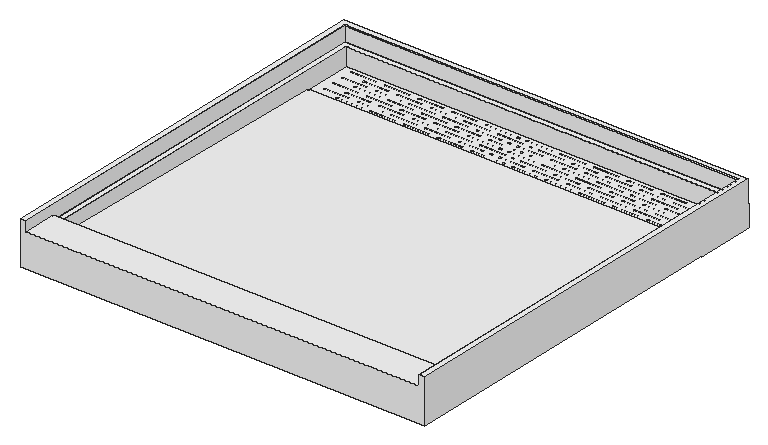
Revit family "CSBS-36-3F-BLANCO", category Plumbing Fixtures, host Face, Revit 2016 (continued)
Lines and regions (in)
  symbolic lines, detail levels fine
    curve 243: arc (-16.49486, 13.98619, 0) -> (-16.52611, 14.01744, 0) -> (-16.49486, 14.04869, 0) r 0.03125
    curve 244: line (-16.49486, 14.04869, 0) -> (-14.30736, 14.04869, 0)
    curve 245: arc (-14.30736, 14.04869, 0) -> (-14.27611, 14.01744, 0) -> (-14.30736, 13.98619, 0) r 0.03125
    curve 246: line (-12.80736, 14.48619, 0) -> (-14.99486, 14.48619, 0)
    curve 247: arc (-14.99486, 14.48619, 0) -> (-15.02611, 14.51744, 0) -> (-14.99486, 14.54869, 0) r 0.03125
    curve 248: line (-14.99486, 14.54869, 0) -> (-12.80736, 14.54869, 0)
    curve 249: arc (-12.80736, 14.54869, 0) -> (-12.77611, 14.51744, 0) -> (-12.80736, 14.48619, 0) r 0.03125
    curve 250: line (-14.30736, 14.98619, 0) -> (-16.49486, 14.98619, 0)
    curve 251: arc (-16.49486, 14.98619, 0) -> (-16.52611, 15.01744, 0) -> (-16.49486, 15.04869, 0) r 0.03125
    curve 252: line (-16.49486, 15.04869, 0) -> (-14.30736, 15.04869, 0)
    curve 253: arc (-14.30736, 15.04869, 0) -> (-14.27611, 15.01744, 0) -> (-14.30736, 14.98619, 0) r 0.03125
    curve 254: line (-14.30736, 15.98619, 0) -> (-16.49486, 15.98619, 0)
    curve 255: arc (-16.49486, 15.98619, 0) -> (-16.52611, 16.01744, 0) -> (-16.49486, 16.04869, 0) r 0.03125
    curve 256: line (-16.49486, 16.04869, 0) -> (-14.30736, 16.04869, 0)
    curve 257: arc (-14.30736, 16.04869, 0) -> (-14.27611, 16.01744, 0) -> (-14.30736, 15.98619, 0) r 0.03125
    curve 258: line (-12.80736, 15.48619, 0) -> (-14.99486, 15.48619, 0)
    curve 259: arc (-14.99486, 15.48619, 0) -> (-15.02611, 15.51744, 0) -> (-14.99486, 15.54869, 0) r 0.03125
    curve 260: line (-14.99486, 15.54869, 0) -> (-12.80736, 15.54869, 0)
    curve 261: arc (-12.80736, 15.54869, 0) -> (-12.77611, 15.51744, 0) -> (-12.80736, 15.48619, 0) r 0.03125
    curve 262: line (-11.30736, 14.98619, 0) -> (-13.49486, 14.98619, 0)
    curve 263: arc (-13.49486, 14.98619, 0) -> (-13.52611, 15.01744, 0) -> (-13.49486, 15.04869, 0) r 0.03125
    curve 264: line (-13.49486, 15.04869, 0) -> (-11.30736, 15.04869, 0)
    curve 265: arc (-11.30736, 15.04869, 0) -> (-11.27611, 15.01744, 0) -> (-11.30736, 14.98619, 0) r 0.03125
    curve 266: line (-11.30736, 15.98619, 0) -> (-13.49486, 15.98619, 0)
    curve 267: arc (-13.49486, 15.98619, 0) -> (-13.52611, 16.01744, 0) -> (-13.49486, 16.04869, 0) r 0.03125
    curve 268: line (-13.49486, 16.04869, 0) -> (-11.30736, 16.04869, 0)
    curve 269: arc (-11.30736, 16.04869, 0) -> (-11.27611, 16.01744, 0) -> (-11.30736, 15.98619, 0) r 0.03125
    curve 270: line (-9.80736, 15.48619, 0) -> (-11.99486, 15.48619, 0)
    curve 271: arc (-11.99486, 15.48619, 0) -> (-12.02611, 15.51744, 0) -> (-11.99486, 15.54869, 0) r 0.03125
    curve 272: line (-11.99486, 15.54869, 0) -> (-9.80736, 15.54869, 0)
    curve 273: arc (-9.80736, 15.54869, 0) -> (-9.77611, 15.51744, 0) -> (-9.80736, 15.48619, 0) r 0.03125
    curve 274: line (-10.49486, 16.04869, 0) -> (-8.30736, 16.04869, 0)
    curve 275: arc (-8.30736, 16.04869, 0) -> (-8.27611, 16.01744, 0) -> (-8.30736, 15.98619, 0) r 0.03125
    curve 276: line (-8.30736, 15.98619, 0) -> (-10.49486, 15.98619, 0)
    curve 277: arc (-10.49486, 15.98619, 0) -> (-10.52611, 16.01744, 0) -> (-10.49486, 16.04869, 0) r 0.03125
    curve 278: line (-6.80736, 15.48619, 0) -> (-8.99486, 15.48619, 0)
    curve 279: arc (-8.99486, 15.48619, 0) -> (-9.02611, 15.51744, 0) -> (-8.99486, 15.54869, 0) r 0.03125
    curve 280: line (-8.99486, 15.54869, 0) -> (-6.80736, 15.54869, 0)
    curve 281: arc (-6.80736, 15.54869, 0) -> (-6.77611, 15.51744, 0) -> (-6.80736, 15.48619, 0) r 0.03125
    curve 282: line (-5.30736, 15.98619, 0) -> (-7.49486, 15.98619, 0)
    curve 283: arc (-7.49486, 15.98619, 0) -> (-7.52611, 16.01744, 0) -> (-7.49486, 16.04869, 0) r 0.03125
    curve 284: line (-7.49486, 16.04869, 0) -> (-5.30736, 16.04869, 0)
    curve 285: arc (-5.30736, 16.04869, 0) -> (-5.27611, 16.01744, 0) -> (-5.30736, 15.98619, 0) r 0.03125
    curve 286: line (-4.49607, 17.04869, 0) -> (-2.32362, 17.04869, 0)
    curve 287: arc (-2.32362, 17.04869, 0) -> (-2.29237, 17.01744, 0) -> (-2.32362, 16.98619, 0) r 0.03125
    curve 288: line (-2.32362, 16.98619, 0) -> (-4.49607, 16.98619, 0)
    curve 289: arc (-4.49607, 16.98619, 0) -> (-4.52732, 17.01744, 0) -> (-4.49607, 17.04869, 0) r 0.03125
    curve 290: line (-1.68236, 16.98619, 0) -> (-1.49486, 16.98619, 0)
    curve 291: arc (-1.49486, 16.98619, 0) -> (-1.52611, 17.01744, 0) -> (-1.49486, 17.04869, 0) r 0.03125
    curve 292: line (-1.49486, 17.04869, 0) -> (-1.68236, 17.04869, 0)
    curve 293: arc (-1.68236, 17.04869, 0) -> (-1.65111, 17.01744, 0) -> (-1.68236, 16.98619, 0) r 0.03125
    curve 294: line (-0.86986, 17.04869, 0) -> (1.31764, 17.04869, 0)
    curve 295: arc (1.31764, 17.04869, 0) -> (1.34889, 17.01744, 0) -> (1.31764, 16.98619, 0) r 0.03125
    curve 296: line (1.31764, 16.98619, 0) -> (-0.86986, 16.98619, 0)
    curve 297: arc (-0.86986, 16.98619, 0) -> (-0.90111, 17.01744, 0) -> (-0.86986, 17.04869, 0) r 0.03125
    curve 298: line (2.13014, 17.04869, 0) -> (4.31764, 17.04869, 0)
    curve 299: arc (4.31764, 17.04869, 0) -> (4.34889, 17.01744, 0) -> (4.31764, 16.98619, 0) r 0.03125
    curve 300: line (4.31764, 16.98619, 0) -> (2.13014, 16.98619, 0)
    curve 301: arc (2.13014, 16.98619, 0) -> (2.09889, 17.01744, 0) -> (2.13014, 17.04869, 0) r 0.03125
    curve 302: line (-5.99486, 16.54869, 0) -> (-3.80736, 16.54869, 0)
    curve 303: arc (-3.80736, 16.54869, 0) -> (-3.77611, 16.51744, 0) -> (-3.80736, 16.48619, 0) r 0.03125
    curve 304: line (-3.80736, 16.48619, 0) -> (-5.99486, 16.48619, 0)
    curve 305: arc (-5.99486, 16.48619, 0) -> (-6.02611, 16.51744, 0) -> (-5.99486, 16.54869, 0) r 0.03125
    curve 306: line (-2.99486, 16.54869, 0) -> (-0.80736, 16.54869, 0)
    curve 307: arc (-0.80736, 16.54869, 0) -> (-0.77611, 16.51744, 0) -> (-0.80736, 16.48619, 0) r 0.03125
    curve 308: line (-0.80736, 16.48619, 0) -> (-2.99486, 16.48619, 0)
    curve 309: arc (-2.99486, 16.48619, 0) -> (-3.02611, 16.51744, 0) -> (-2.99486, 16.54869, 0) r 0.03125
    curve 310: line (-0.18236, 16.48619, 0) -> (0.00514, 16.48619, 0)
    curve 311: arc (0.00514, 16.48619, 0) -> (-0.02611, 16.51744, 0) -> (0.00514, 16.54869, 0) r 0.03125
    curve 312: line (0.00514, 16.54869, 0) -> (-0.18236, 16.54869, 0)
    curve 313: arc (-0.18236, 16.54869, 0) -> (-0.15111, 16.51744, 0) -> (-0.18236, 16.48619, 0) r 0.03125
    curve 314: line (2.81764, 16.48619, 0) -> (0.63014, 16.48619, 0)
    curve 315: arc (0.63014, 16.48619, 0) -> (0.59889, 16.51744, 0) -> (0.63014, 16.54869, 0) r 0.03125
    curve 316: line (0.63014, 16.54869, 0) -> (2.81764, 16.54869, 0)
    curve 317: arc (2.81764, 16.54869, 0) -> (2.84889, 16.51744, 0) -> (2.81764, 16.48619, 0) r 0.03125
    curve 318: line (3.63014, 16.54869, 0) -> (5.81764, 16.54869, 0)
    curve 319: arc (5.81764, 16.54869, 0) -> (5.84889, 16.51744, 0) -> (5.81764, 16.48619, 0) r 0.03125
    curve 320: line (5.81764, 16.48619, 0) -> (3.63014, 16.48619, 0)
    curve 321: arc (3.63014, 16.48619, 0) -> (3.59889, 16.51744, 0) -> (3.63014, 16.54869, 0) r 0.03125
    curve 322: line (5.13014, 17.04869, 0) -> (7.31764, 17.04869, 0)
    curve 323: arc (7.31764, 17.04869, 0) -> (7.34889, 17.01744, 0) -> (7.31764, 16.98619, 0) r 0.03125
    curve 324: line (7.31764, 16.98619, 0) -> (5.13014, 16.98619, 0)
    curve 325: arc (5.13014, 16.98619, 0) -> (5.09889, 17.01744, 0) -> (5.13014, 17.04869, 0) r 0.03125
    curve 326: line (6.63014, 16.54869, 0) -> (8.81764, 16.54869, 0)
    curve 327: arc (8.81764, 16.54869, 0) -> (8.84889, 16.51744, 0) -> (8.81764, 16.48619, 0) r 0.03125
    curve 328: line (8.81764, 16.48619, 0) -> (6.63014, 16.48619, 0)
    curve 329: arc (6.63014, 16.48619, 0) -> (6.59889, 16.51744, 0) -> (6.63014, 16.54869, 0) r 0.03125
    curve 330: line (10.31764, 16.98619, 0) -> (8.13014, 16.98619, 0)
    curve 331: arc (8.13014, 16.98619, 0) -> (8.09889, 17.01744, 0) -> (8.13014, 17.04869, 0) r 0.03125
    curve 332: line (8.13014, 17.04869, 0) -> (10.31764, 17.04869, 0)
    curve 333: arc (10.31764, 17.04869, 0) -> (10.34889, 17.01744, 0) -> (10.31764, 16.98619, 0) r 0.03125
    curve 334: line (9.63014, 16.54869, 0) -> (11.81764, 16.54869, 0)
    curve 335: arc (11.81764, 16.54869, 0) -> (11.84889, 16.51744, 0) -> (11.81764, 16.48619, 0) r 0.03125
    curve 336: line (11.81764, 16.48619, 0) -> (9.63014, 16.48619, 0)
    curve 337: arc (9.63014, 16.48619, 0) -> (9.59889, 16.51744, 0) -> (9.63014, 16.54869, 0) r 0.03125
    curve 338: line (13.31764, 16.98619, 0) -> (11.13014, 16.98619, 0)
    curve 339: arc (11.13014, 16.98619, 0) -> (11.09889, 17.01744, 0) -> (11.13014, 17.04869, 0) r 0.03125
    curve 340: line (11.13014, 17.04869, 0) -> (13.31764, 17.04869, 0)
    curve 341: arc (13.31764, 17.04869, 0) -> (13.34889, 17.01744, 0) -> (13.31764, 16.98619, 0) r 0.03125
    curve 342: line (14.81764, 16.48619, 0) -> (12.63014, 16.48619, 0)
    curve 343: arc (12.63014, 16.48619, 0) -> (12.59889, 16.51744, 0) -> (12.63014, 16.54869, 0) r 0.03125
    curve 344: line (12.63014, 16.54869, 0) -> (14.81764, 16.54869, 0)
    curve 345: arc (14.81764, 16.54869, 0) -> (14.84889, 16.51744, 0) -> (14.81764, 16.48619, 0) r 0.03125
    curve 346: line (16.31764, 16.98619, 0) -> (14.13014, 16.98619, 0)
    curve 347: arc (14.13014, 16.98619, 0) -> (14.09889, 17.01744, 0) -> (14.13014, 17.04869, 0) r 0.03125
    curve 348: line (14.13014, 17.04869, 0) -> (16.31764, 17.04869, 0)
    curve 349: arc (16.31764, 17.04869, 0) -> (16.34889, 17.01744, 0) -> (16.31764, 16.98619, 0) r 0.03125
    curve 350: line (8.13014, 16.04869, 0) -> (10.31764, 16.04869, 0)
    curve 351: arc (10.31764, 16.04869, 0) -> (10.34889, 16.01744, 0) -> (10.31764, 15.98619, 0) r 0.03125
    curve 352: line (10.31764, 15.98619, 0) -> (8.13014, 15.98619, 0)
    curve 353: arc (8.13014, 15.98619, 0) -> (8.09889, 16.01744, 0) -> (8.13014, 16.04869, 0) r 0.03125
    curve 354: line (-14.30736, 16.98619, 0) -> (-16.49486, 16.98619, 0)
    curve 355: arc (-16.49486, 16.98619, 0) -> (-16.52611, 17.01744, 0) -> (-16.49486, 17.04869, 0) r 0.03125
    curve 356: line (-16.49486, 17.04869, 0) -> (-14.30736, 17.04869, 0)
    curve 357: arc (-14.30736, 17.04869, 0) -> (-14.27611, 17.01744, 0) -> (-14.30736, 16.98619, 0) r 0.03125
    curve 358: line (-12.80736, 16.48619, 0) -> (-14.99486, 16.48619, 0)
    curve 359: arc (-14.99486, 16.48619, 0) -> (-15.02611, 16.51744, 0) -> (-14.99486, 16.54869, 0) r 0.03125
    curve 360: line (-14.99486, 16.54869, 0) -> (-12.80736, 16.54869, 0)
    curve 361: arc (-12.80736, 16.54869, 0) -> (-12.77611, 16.51744, 0) -> (-12.80736, 16.48619, 0) r 0.03125
    curve 362: line (-11.30736, 16.98619, 0) -> (-13.49486, 16.98619, 0)
    curve 363: arc (-13.49486, 16.98619, 0) -> (-13.52611, 17.01744, 0) -> (-13.49486, 17.04869, 0) r 0.03125
    curve 364: line (-13.49486, 17.04869, 0) -> (-11.30736, 17.04869, 0)
    curve 365: arc (-11.30736, 17.04869, 0) -> (-11.27611, 17.01744, 0) -> (-11.30736, 16.98619, 0) r 0.03125
    curve 366: line (-9.80736, 16.48619, 0) -> (-11.99486, 16.48619, 0)
    curve 367: arc (-11.99486, 16.48619, 0) -> (-12.02611, 16.51744, 0) -> (-11.99486, 16.54869, 0) r 0.03125
    curve 368: line (-11.99486, 16.54869, 0) -> (-9.80736, 16.54869, 0)
    curve 369: arc (-9.80736, 16.54869, 0) -> (-9.77611, 16.51744, 0) -> (-9.80736, 16.48619, 0) r 0.03125
    curve 370: line (-10.49486, 17.04869, 0) -> (-8.30736, 17.04869, 0)
    curve 371: arc (-8.30736, 17.04869, 0) -> (-8.27611, 17.01744, 0) -> (-8.30736, 16.98619, 0) r 0.03125
    curve 372: line (-8.30736, 16.98619, 0) -> (-10.49486, 16.98619, 0)
    curve 373: arc (-10.49486, 16.98619, 0) -> (-10.52611, 17.01744, 0) -> (-10.49486, 17.04869, 0) r 0.03125
    curve 374: line (-6.80736, 16.48619, 0) -> (-8.99486, 16.48619, 0)
    curve 375: arc (-8.99486, 16.48619, 0) -> (-9.02611, 16.51744, 0) -> (-8.99486, 16.54869, 0) r 0.03125
    curve 376: line (-8.99486, 16.54869, 0) -> (-6.80736, 16.54869, 0)
    curve 377: arc (-6.80736, 16.54869, 0) -> (-6.77611, 16.51744, 0) -> (-6.80736, 16.48619, 0) r 0.03125
    curve 378: line (-5.30736, 16.98619, 0) -> (-7.49486, 16.98619, 0)
    curve 379: arc (-7.49486, 16.98619, 0) -> (-7.52611, 17.01744, 0) -> (-7.49486, 17.04869, 0) r 0.03125
    curve 380: line (-7.49486, 17.04869, 0) -> (-5.30736, 17.04869, 0)
    curve 381: arc (-5.30736, 17.04869, 0) -> (-5.27611, 17.01744, 0) -> (-5.30736, 16.98619, 0) r 0.03125
Dimensions and locks (in)
  plane 4 "Back of shower" to plane 5 = 3 3/4"
  "Width": plane 6 to plane 7
  "Height": plane 9 to level
  "Length": plane 4 "Back of shower" to plane 8
  plane 10 to level = 3"
  locked: plane 4 "Back of shower" to plane 5 at 3.75
  cut or joined group of Extrusion 1, Sweep 3, Extrusion 4 to cut or joined group of Extrusion 1, Sweep 3, Extrusion 4 = 36"  (x2)
  plane 6 to plane 7 = 36"
  cut or joined group of Extrusion 1, Sweep 3, Extrusion 4 to plane 8 = 3"
  plane 9 to cut or joined group of Extrusion 1, Sweep 3, Extrusion 4 = 1.32792"
  plane 9 to host face = 3 7/8"
  cut or joined group of Extrusion 1, Sweep 3, Extrusion 4 to host face = 0.77108"
  cut or joined group of Extrusion 1, Sweep 3, Extrusion 4 to host face = 3"
  cut or joined group of Extrusion 1, Sweep 3, Extrusion 4 to cut or joined group of Extrusion 1, Sweep 3, Extrusion 4 = 3"
  aligned and locked: plane 2 to host face
  aligned and locked: level to host face
  aligned and locked: plane 4 "Back of shower" to Sweep 3
  aligned and locked: plane 6 to Sweep 3 sketch curve
  aligned and locked: plane 7 to Sweep 3 sketch curve
  aligned and locked: Extrusion 1 to Sweep 3
  aligned and locked: plane 7 to cut or joined group of Extrusion 1, Sweep 3, Extrusion 4
  aligned and locked: Extrusion 2 to cut or joined group of Extrusion 1, Sweep 3, Extrusion 4  (x2)
  aligned and locked: level to Sweep 3 sketch curve
  aligned and locked: plane 6 to Masking region 1 sketch curve
  aligned and locked: Masking region 1 sketch curve to plane 7
  aligned and locked: plane 8 to Masking region 1 sketch curve
  aligned and locked: host face to Extrusion 1 sketch curve
Automatic sketch dimensions
  host sketch curve to host sketch curve = 96"  (x2)
  level to Extrusion 2 sketch curve = 31/32"
  Extrusion 2 sketch curve to plane 5 = 1.53271"
  Extrusion 2 sketch curve to plane 4 "Back of shower" = 1"
  Extrusion 2 sketch curve to Extrusion 2 sketch curve = 1/32"
  Extrusion 4 sketch curve to plane 3 "Center (Left/Right)" = 0"
  Extrusion 4 sketch curve to plane 5 = 0.00135"
  Revolve 5 sketch curve to plane 5 = 0"  (x2)
  Revolve 5 sketch curve to Revolve 5 sketch curve = 1"
  Revolve 5 sketch curve to Revolve 5 sketch curve = 0.05652"
  Revolve 5 sketch curve to Revolve 5 sketch curve = 0.05412"
  Revolve 5 sketch curve to Revolve 5 sketch curve = 0.36946"
  Revolve 5 sketch curve to Revolve 5 sketch curve = 0.13054"
  Revolve 5 sketch curve to Revolve 5 sketch curve = 3/4"
  Revolve 5 sketch curve to Revolve 5 sketch curve = 0.08388"
  plane 5 to Extrusion 6 sketch curve = 1.32513"
  Extrusion 6 sketch curve to plane 6 = 1.8092"
  plane 5 to Extrusion 6 sketch curve = 0.26263"  (x6)
  Extrusion 6 sketch curve to Extrusion 6 sketch curve = 0"  (x23)
  plane 5 to Extrusion 6 sketch curve = 0.82513"
  Extrusion 6 sketch curve to Extrusion 6 sketch curve = 1 1/2"
  Extrusion 6 sketch curve to plane 5 = 0.17487"  (x10)
  plane 5 to Extrusion 6 sketch curve = 0.32513"  (x7)
  Extrusion 6 sketch curve to Extrusion 6 sketch curve = 11/16"  (x76)
  Extrusion 6 sketch curve to Extrusion 6 sketch curve = 13/16"  (x68)
  Extrusion 6 sketch curve to plane 5 = 0.23737"  (x2)
  Extrusion 6 sketch curve to plane 5 = 0.20612"  (x4)
  plane 5 to Extrusion 6 sketch curve = 0.29388"  (x6)
  Extrusion 6 sketch curve to plane 3 "Center (Left/Right)" = 1.3783"  (x4)
  Extrusion 6 sketch curve to Extrusion 6 sketch curve = 3/16"  (x8)
  Extrusion 6 sketch curve to plane 3 "Center (Left/Right)" = 0.5658"  (x4)
  Extrusion 6 sketch curve to plane 3 "Center (Left/Right)" = 0.5033"  (x4)
  Extrusion 6 sketch curve to Extrusion 6 sketch curve = 5/8"  (x8)
  Extrusion 6 sketch curve to plane 7 = 1.3783"  (x4)
  Extrusion 6 sketch curve to plane 5 = 0.67487"  (x11)
  Extrusion 6 sketch curve to Extrusion 6 sketch curve = 7/16"  (x30)
  Extrusion 6 sketch curve to Extrusion 6 sketch curve = 1/32"  (x73)
  Extrusion 6 sketch curve to Extrusion 6 sketch curve = 1/16"  (x7)
  plane 5 to Extrusion 6 sketch curve = 0.76263"  (x8)
  Extrusion 6 sketch curve to Extrusion 6 sketch curve = 15/16"
  curve 1 to level = 0"
  curve 1 to plane 6 = 1 3/16"
  plane 7 to curve 1 = 1 3/16"
  Sweep 3 sketch curve to plane 8 = 0"  (x2)
  Sweep 3 sketch curve to plane 4 "Back of shower" = 0"
  Sweep 3 sketch curve to profile plane = 0"
  Sweep 3 sketch curve to profile plane = 15/32"
  Sweep 3 sketch curve to profile plane = 1/2"
  Sweep 3 sketch curve to Sweep 3 sketch curve = 1/32"  (x2)
  Sweep 3 sketch curve to Sweep 3 sketch curve = 7/16"
  Sweep 3 sketch curve to Sweep 3 sketch curve = 2.51642"
  Sweep 3 sketch curve to Sweep 3 sketch curve = 1.26483"
  Revolve 5 sketch curve to level = 3/4"
  Revolve 5 sketch curve to Revolve 5 sketch curve = 0.12992"
  Masking region 1 sketch curve to plane 4 "Back of shower" = 0"
  curve 55 to curve 353 = 0"  (x2)
  curve 57 to curve 351 = 0"  (x2)
  curve 3 to plane 6 = 1/2"
  curve 3 to curve 8 = 1/2"
  plane 5 to curve 256 = 1.23619"
  curve 2 to curve 256 = 0.50514"
  curve 242 to plane 5 = 0.82631"
  curve 7 to curve 242 = 0.50514"
  curve 355 to curve 255 = 0"
  plane 5 to curve 250 = 0.17369"
  curve 250 to curve 243 = 0"
  curve 248 to plane 5 = 0.26381"
  curve 250 to curve 248 = 1 1/2"
  curve 232 to curve 247 = 0"
  curve 258 to curve 247 = 0"
  curve 358 to curve 259 = 0"
  curve 231 to curve 242 = 11/16"
  curve 248 to curve 250 = 11/16"
  curve 259 to curve 254 = 11/16"
  curve 359 to curve 354 = 11/16"
  curve 256 to curve 268 = 13/16"
  plane 5 to curve 262 = 0.17369"
  curve 250 to curve 262 = 13/16"
  curve 356 to curve 364 = 13/16"
  curve 244 to curve 236 = 13/16"
  curve 362 to curve 360 = 11/16"
  curve 234 to curve 233 = 11/16"
  curve 263 to curve 258 = 11/16"
  curve 246 to plane 5 = 0.32631"
  curve 236 to curve 246 = 11/16"
  curve 240 to plane 5 = 0.26381"
  curve 248 to curve 240 = 13/16"
  curve 233 to curve 227 = 13/16"
  curve 358 to curve 366 = 13/16"
  curve 260 to curve 272 = 13/16"
  curve 366 to curve 269 = 11/16"
  curve 228 to curve 234 = 11/16"
  plane 5 to curve 265 = 0.20494"
  curve 240 to curve 265 = 11/16"
  curve 367 to curve 362 = 11/16"
  curve 362 to curve 372 = 13/16"
  curve 269 to curve 277 = 13/16"
  curve 234 to curve 210 = 13/16"
  plane 5 to curve 224 = 0.23619"
  curve 264 to curve 224 = 13/16"
  curve 223 to curve 273 = 11/16"
  curve 210 to curve 226 = 11/16"
  curve 274 to curve 366 = 11/16"
  curve 238 to plane 5 = 0.32631"
  curve 211 to curve 238 = 11/16"
  curve 272 to curve 280 = 13/16"
  curve 229 to curve 204 = 13/16"
  curve 369 to curve 375 = 13/16"
  curve 216 to plane 5 = 0.26381"
  curve 240 to curve 216 = 13/16"
  curve 215 to curve 213 = 11/16"
  plane 5 to curve 222 = 0.17369"
  curve 216 to curve 222 = 11/16"
  curve 375 to curve 372 = 11/16"
  curve 280 to curve 276 = 11/16"
  curve 275 to curve 282 = 13/16"
  curve 213 to curve 206 = 13/16"
  plane 5 to curve 218 = 0.17369"
  curve 222 to curve 218 = 13/16"
  curve 371 to curve 380 = 13/16"
  curve 283 to curve 377 = 11/16"
  curve 206 to curve 202 = 11/16"
  curve 282 to curve 281 = 11/16"
  curve 217 to plane 5 = 0.29506"
  curve 207 to curve 217 = 11/16"
  curve 136 to plane 5 = 0.26381"
  curve 216 to curve 136 = 13/16"
  curve 205 to curve 154 = 13/16"
  curve 376 to curve 302 = 13/16"
  curve 281 to curve 26 = 13/16"
  curve 157 to curve 206 = 11/16"
  curve 135 to curve 218 = 11/16"
  curve 305 to curve 381 = 11/16"
  curve 29 to curve 285 = 11/16"
  curve 282 to curve 12 = 0.81129"
  curve 381 to curve 289 = 0.81129"
  plane 5 to curve 74 = 0.23619"
  curve 220 to curve 74 = 0.81129"
  curve 209 to curve 141 = 0.81129"
  curve 140 to curve 154 = 0.68871"
  curve 13 to curve 304 = 0.68871"
  curve 76 to curve 136 = 0.68871"
  curve 74 to curve 27 = 0.68871"
  curve 154 to curve 158 = 13/16"
  curve 302 to curve 306 = 13/16"
  curve 27 to curve 30 = 13/16"
  curve 130 to plane 5 = 0.32631"
  curve 134 to curve 130 = 13/16"
  plane 5 to curve 76 = 0.17369"
  curve 131 to curve 76 = 0.67124"
  curve 33 to curve 12 = 0.67124"
  curve 309 to curve 288 = 0.67124"
  curve 158 to curve 140 = 0.67124"
  curve 11 to curve 17 = 0.64126"
  curve 139 to curve 142 = 0.64126"
  plane 5 to curve 78 = 0.23619"
  curve 74 to curve 78 = 0.64126"
  curve 287 to curve 293 = 0.64126"
  curve 293 to curve 290 = 3/16"
  curve 14 to curve 14 = 3/16"
  curve 145 to curve 144 = 3/16"
  curve 79 to curve 78 = 3/16"
  curve 297 to plane 3 "Center (Left/Right)" = 0.86986"
  curve 85 to plane 3 "Center (Left/Right)" = 0.86986"
  curve 149 to plane 3 "Center (Left/Right)" = 0.86986"
  curve 21 to plane 3 "Center (Left/Right)" = 0.86986"
  curve 159 to plane 3 "Center (Left/Right)" = 0.80736"
  curve 133 to plane 3 "Center (Left/Right)" = 0.80736"
  curve 308 to plane 3 "Center (Left/Right)" = 0.80736"
  curve 30 to plane 3 "Center (Left/Right)" = 0.80736"
  curve 31 to curve 34 = 5/8"
  curve 307 to curve 313 = 5/8"
  curve 159 to curve 162 = 5/8"
  curve 126 to plane 5 = 0.32631"
  curve 133 to curve 126 = 5/8"
  curve 313 to curve 310 = 3/16"
  curve 164 to curve 164 = 3/16"
  curve 34 to curve 34 = 3/16"
  curve 126 to curve 126 = 3/16"
  curve 164 to curve 168 = 5/8"
  curve 123 to plane 5 = 0.29506"
  curve 127 to curve 123 = 5/8"
  curve 311 to curve 316 = 5/8"
  curve 34 to curve 38 = 5/8"
  curve 168 to curve 148 = 11/16"
  curve 315 to curve 294 = 11/16"
  plane 5 to curve 82 = 0.23619"
  curve 38 to curve 82 = 11/16"
  curve 314 to curve 18 = 11/16"
  curve 18 to curve 22 = 13/16"
  curve 295 to curve 301 = 13/16"
  curve 147 to curve 153 = 13/16"
  plane 5 to curve 89 = 0.20494"
  curve 83 to curve 89 = 13/16"
  curve 124 to plane 5 = 0.26381"
  curve 88 to curve 124 = 11/16"
  curve 25 to curve 314 = 11/16"
  curve 153 to curve 169 = 11/16"
  curve 89 to curve 38 = 11/16"
  curve 317 to curve 321 = 13/16"
  curve 118 to plane 5 = 0.32631"
  curve 122 to curve 118 = 13/16"
  curve 40 to curve 42 = 13/16"
  curve 169 to curve 173 = 13/16"
  curve 173 to curve 152 = 11/16"
  curve 119 to curve 87 = 11/16"
  curve 321 to curve 298 = 11/16"
  curve 320 to curve 22 = 11/16"
  plane 5 to curve 92 = 0.17369"
  curve 87 to curve 92 = 13/16"
  curve 150 to curve 174 = 13/16"
  curve 23 to curve 49 = 13/16"
  curve 298 to curve 322 = 13/16"
  curve 177 to curve 118 = 11/16"
  curve 49 to curve 320 = 11/16"
  curve 48 to curve 42 = 11/16"
  curve 176 to curve 172 = 11/16"
  curve 43 to curve 53 = 13/16"
  curve 170 to curve 178 = 13/16"
  curve 116 to plane 5 = 0.26381"
  curve 120 to curve 116 = 13/16"
  curve 318 to curve 326 = 13/16"
  curve 178 to curve 176 = 11/16"
  curve 328 to curve 46 = 11/16"
  plane 5 to curve 90 = 0.23619"
  curve 52 to curve 90 = 11/16"
  curve 329 to curve 322 = 11/16"
  curve 174 to curve 184 = 13/16"
  curve 47 to curve 54 = 13/16"
  plane 5 to curve 97 = 0.20494"
  curve 91 to curve 97 = 13/16"
  curve 323 to curve 330 = 13/16"
  curve 117 to plane 5 = 0.29506"
  curve 183 to curve 117 = 11/16"
  curve 97 to curve 52 = 11/16"
  curve 182 to curve 179 = 11/16"
  curve 331 to curve 326 = 11/16"
  curve 327 to curve 336 = 13/16"
  curve 50 to curve 58 = 13/16"
  curve 179 to curve 189 = 13/16"
  curve 110 to plane 5 = 0.32631"
  curve 114 to curve 110 = 13/16"
  plane 5 to curve 94 = 0.23619"
  curve 60 to curve 94 = 11/16"
  curve 337 to curve 332 = 11/16"
  curve 189 to curve 185 = 11/16"
  curve 61 to curve 352 = 11/16"
  curve 57 to curve 63 = 13/16"
  plane 5 to curve 101 = 0.20494"
  curve 95 to curve 101 = 13/16"
  curve 332 to curve 340 = 13/16"
  curve 182 to curve 190 = 13/16"
  curve 62 to curve 59 = 11/16"
  curve 112 to plane 5 = 0.26381"
  curve 101 to curve 112 = 11/16"
  curve 191 to curve 186 = 11/16"
  curve 338 to curve 334 = 11/16"
  curve 107 to plane 5 = 0.29506"
  curve 113 to curve 107 = 13/16"
  curve 186 to curve 196 = 13/16"
  curve 59 to curve 68 = 13/16"
  curve 335 to curve 342 = 13/16"
  curve 67 to curve 62 = 11/16"
  curve 343 to curve 341 = 11/16"
  plane 5 to curve 100 = 0.17369"
  curve 107 to curve 100 = 11/16"
  curve 196 to curve 190 = 11/16"
  plane 5 to curve 105 = 0.20494"
  curve 99 to curve 105 = 13/16"
  curve 340 to curve 348 = 13/16"
  curve 193 to curve 199 = 13/16"
  curve 64 to curve 72 = 13/16"
  curve 70 to curve 69 = 11/16"
  curve 71 to curve 342 = 11/16"
  curve 104 to curve 109 = 11/16"
  curve 198 to curve 197 = 11/16"
  curve 103 to plane 7 = 2.02559"
  curve 104 to curve 201 = 0.02493"
  curve 8 to plane 7 = 1"
  curve 346 to curve 5 = 0.68236"
  curve 72 to plane 7 = 1.68236"
  curve 9 to plane 7 = 1/2"
  curve 142 to plane 5 = 0.82631"
  curve 242 to curve 234 = 0"
  curve 234 to curve 210 = 0"
  curve 213 to curve 206 = 0"
  curve 148 to plane 5 = 0.82631"
  curve 176 to plane 5 = 0.82631"
  curve 190 to plane 5 = 0.82631"
  curve 147 to curve 152 = 0"
  curve 175 to curve 182 = 0"
  curve 198 to plane 5 = 0.83748"
  curve 164 to curve 148 = 7/16"
  curve 154 to curve 209 = 7/16"
  curve 168 to curve 153 = 7/16"
  curve 178 to curve 175 = 7/16"
  curve 154 to curve 158 = 0"
  curve 204 to curve 154 = 0"
  curve 170 to curve 178 = 0"
  curve 178 to curve 186 = 0"
  curve 232 to curve 234 = 7/16"
  curve 232 to curve 228 = 0"
  curve 196 to curve 198 = 0.42633"
  curve 195 to curve 195 = 1/32"
  curve 229 to curve 229 = 1/32"
  curve 231 to curve 231 = 1/32"
  curve 173 to curve 170 = 1/32"
  curve 167 to curve 167 = 1/32"
  curve 189 to curve 186 = 1/32"
  curve 161 to curve 158 = 1/32"
  curve 165 to curve 165 = 1/32"
  curve 203 to curve 203 = 1/32"
  curve 181 to curve 181 = 1/32"
  curve 157 to curve 154 = 1/32"
  curve 206 to curve 140 = 0"
  curve 198 to curve 199 = 1/32"
  curve 182 to curve 183 = 1/32"
  curve 152 to curve 153 = 1/32"
  curve 190 to curve 191 = 1/32"
  curve 149 to curve 149 = 1/32"
  curve 177 to curve 177 = 1/32"
  curve 207 to curve 207 = 1/32"
  curve 142 to curve 145 = 1/32"
  curve 210 to curve 211 = 1/32"
  curve 234 to curve 235 = 1/32"
  curve 141 to curve 141 = 1/32"
  curve 242 to curve 243 = 1/32"
  curve 134 to curve 136 = 1/16"
  curve 106 to curve 109 = 1/32"
  curve 121 to curve 121 = 1/32"
  curve 130 to curve 133 = 1/32"
  curve 126 to curve 129 = 1/32"
  curve 104 to curve 103 = 1/32"
  curve 88 to curve 89 = 1/32"
  curve 84 to curve 85 = 1/16"
  curve 80 to curve 78 = 1/16"
  curve 250 to curve 251 = 1/32"
  curve 218 to curve 219 = 1/32"
  plane 5 to curve 60 = 0.67369"
  plane 5 to curve 44 = 0.67369"
  plane 5 to curve 66 = 0.67369"
  plane 5 to curve 34 = 0.67369"
  plane 5 to curve 32 = 0.67369"
  plane 5 to curve 270 = 0.67369"
  plane 5 to curve 278 = 0.67369"
  curve 34 to curve 38 = 0"
  plane 5 to curve 28 = 0.67369"
  plane 5 to curve 52 = 0.67369"
  plane 5 to curve 258 = 0.67369"
  curve 270 to curve 273 = 1/32"
  curve 259 to curve 259 = 1/32"
  curve 51 to curve 51 = 1/32"
  curve 27 to curve 27 = 1/32"
  curve 39 to curve 39 = 1/32"
  curve 279 to curve 279 = 1/32"
  curve 67 to curve 67 = 1/32"
  curve 61 to curve 61 = 1/32"
  curve 31 to curve 31 = 1/32"
  curve 43 to curve 43 = 1/32"
  curve 35 to curve 35 = 1/32"
  curve 266 to curve 256 = 1/16"
  curve 33 to curve 12 = 7/16"
  curve 280 to curve 282 = 7/16"
  curve 12 to curve 14 = 0"
  curve 61 to curve 352 = 7/16"
  curve 41 to curve 24 = 7/16"
  curve 48 to curve 54 = 0"
  curve 266 to curve 276 = 0"
  curve 20 to curve 24 = 0"
  curve 69 to curve 70 = 7/16"
  curve 54 to curve 62 = 0"
  curve 254 to curve 256 = 1/16"
  curve 275 to curve 275 = 1/32"
  curve 63 to curve 63 = 1/32"
  curve 20 to curve 21 = 1/32"
  curve 49 to curve 49 = 1/32"
  curve 71 to curve 71 = 1/32"
  curve 23 to curve 23 = 1/32"
  curve 55 to curve 353 = 1/32"
  curve 14 to curve 17 = 1/32"
  curve 13 to curve 13 = 1/32"
  curve 269 to curve 269 = 1/32"
  curve 283 to curve 283 = 1/32"
  curve 47 to curve 328 = 7/16"
  curve 274 to curve 374 = 7/16"
  curve 257 to curve 358 = 7/16"
  curve 23 to curve 320 = 7/16"
  curve 19 to curve 314 = 7/16"
  curve 65 to curve 342 = 7/16"
  curve 310 to curve 315 = 0"
  curve 358 to curve 366 = 0"
  curve 327 to curve 336 = 0"
  curve 11 to curve 308 = 7/16"
  curve 374 to curve 304 = 0"
  curve 303 to curve 303 = 1/32"
  curve 329 to curve 329 = 1/32"
  curve 377 to curve 377 = 1/32"
  curve 358 to curve 359 = 1/32"
  curve 307 to curve 307 = 1/32"
  curve 345 to curve 345 = 1/32"
  curve 321 to curve 321 = 1/32"
  curve 335 to curve 335 = 1/32"
  curve 367 to curve 367 = 1/32"
  curve 310 to curve 311 = 1/32"
  curve 317 to curve 317 = 1/32"
  curve 337 to curve 330 = 7/16"
  curve 319 to curve 324 = 7/16"
  curve 367 to curve 362 = 7/16"
  curve 317 to curve 300 = 7/16"
  curve 343 to curve 338 = 7/16"
  curve 255 to curve 354 = 15/16"
  curve 307 to curve 296 = 7/16"
  curve 377 to curve 378 = 7/16"
  curve 372 to curve 378 = 0"
  curve 290 to curve 296 = 0"
  curve 73 to curve 346 = 15/16"
  curve 378 to curve 288 = 0"
  curve 379 to curve 379 = 1/32"
  curve 346 to curve 349 = 1/32"
  curve 287 to curve 287 = 1/32"
  curve 291 to curve 291 = 1/32"
  curve 373 to curve 373 = 1/32"
  curve 338 to curve 341 = 1/32"
  curve 295 to curve 295 = 1/32"
  curve 355 to curve 355 = 1/32"
  curve 299 to curve 299 = 1/32"
  curve 362 to curve 365 = 1/32"
  curve 330 to curve 333 = 1/32"
  curve 324 to curve 323 = 1/32"
  curve 2 to plane 4 "Back of shower" = 1"
  curve 9 to plane 4 "Back of shower" = 1/2"
  curve 7 to plane 5 = 1.53271"
  curve 4 to plane 8 = 7/16"
  curve 5 to curve 4 = 11/16"
  curve 2 to curve 4 = 11/16"
  curve 5 to curve 6 = 0"
  curve 3 to curve 2 = 1/8"
  Extrusion 1 sketch curve to plane 8 = 0"
  Extrusion 1 sketch curve to plane 10 = 0"
  Extrusion 1 sketch curve to plane 11 = 0"
  Extrusion 1 sketch curve to level = 1/32"
  Extrusion 1 sketch curve to plane 4 "Back of shower" = 0"
  plane 11 to Extrusion 1 sketch curve = 0.24589"
  plane 11 to Extrusion 1 sketch curve = 1/4"
  Extrusion 1 sketch curve to plane 5 = 1.53271"
  Extrusion 1 sketch curve to Extrusion 1 sketch curve = 0.06541"
  Extrusion 1 sketch curve to Extrusion 1 sketch curve = 0"
  Extrusion 1 sketch curve to plane 4 "Back of shower" = 1 1/32"
  Extrusion 1 sketch curve to Extrusion 1 sketch curve = 0.77108"
  Extrusion 1 sketch curve to Extrusion 1 sketch curve = 0.19767"
  level to Extrusion 1 sketch curve = 31/32"
  Extrusion 1 sketch curve to Extrusion 1 sketch curve = 0.06565"
  level to Extrusion 1 sketch curve = 1.48577"
  radius of Extrusion 4 sketch curve = 1"
Connectors (in)
  piping at (0, 14.8125, -0.75), diameter 2, driven by "Waste Connection Diameter", driven by "WFU"
    settings: on Revolve 5, index 3, connector inside diameter 24", connector length 0", flow factor 0, pipe flow 0 GPM, pressure drop 0.00 psi, fitting loss kfactor 0, connector angle 0.00°, fixture units 3, engagement length 0", angle of deflection 0.00°, flow configuration 3, flow direction 2, fitting loss method 0, system type 16, joint type 0, gender type 0, connector reference index -1, connector utility 0, adjustable connector no, is connector primary yes, connector description "2” Inside Caulk Shower Drain Connection Outlet"
